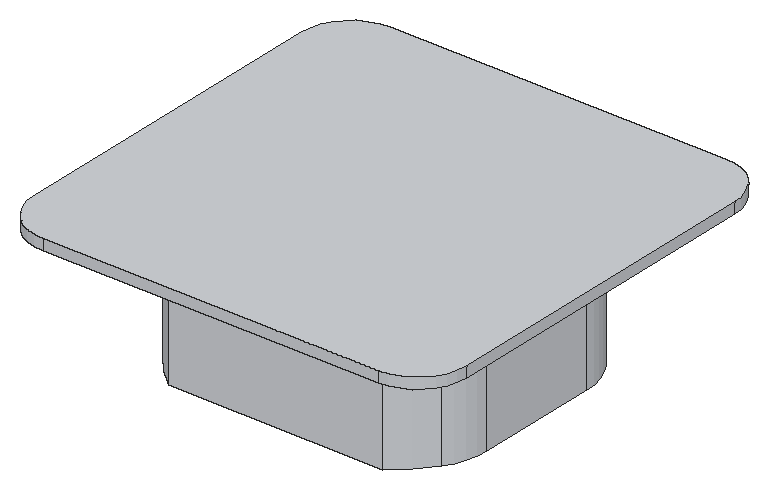
Revit family "Gira_245100", category Electrical Fixtures, host Face, Revit 2017
Family settings
  Host = Face
  Maintain Annotation Orientation = Yes
  Round Connector Dimension = Use Diameter
  Part Type = Normal
  Cut with Voids When Loaded = No
  Shared = No
  Room Calculation Point = No
Parameters (values of type "Netzwerk Cat.6_sub_A__sub_ 1f Einsatz")
  URL = "http://katalog.gira.de/de_DE/datenblatt.html?artikelnr=245100"
  Region = "DE"
  Name = "Netzwerk Cat.6{sub}A{/sub} 1f Einsatz"
  Manufacturer URL = "https://www.gira.de/"
  Keynote = "Einsatz_1fach"
  HeinzeBIM = "https://bimportal.heinze.de/bim/netzwerk-cat-6-sub-a-sub-1f-einsatz/56eef77b229484c6c8bfd210ba4e0d6db50d432f"
  HAN = "245100"
  GTIN = "4010337881780"
  Default Elevation = 1219.2 mm
  Data sheet (1) = "https://katalog.gira.de/de_DE/download.html?artikelnr=245100"
  Category = "Zubehör für Installationsschalterprogramme"
  Available = "Yes"
Reference planes
  plane 1 "Center (Front/Back)": y = 0
  plane 2: z = 0
  plane 3 "Center (Left/Right)": x = 0
Forms (mm)
  Extrusion 1, solid, detail levels fine
    sketch origin (0, 0, 0) x (1, 0, 0) y (0, 1, 0)
      loop
        line (27.475, 35.475) -> (-27.475, 35.475)
        arc (-27.475, 35.475) -> (-33.132, 33.132) -> (-35.475, 27.475) r 8
        line (-35.475, 27.475) -> (-35.475, -27.475)
        arc (-35.475, -27.475) -> (-33.132, -33.132) -> (-27.475, -35.475) r 8
        line (-27.475, -35.475) -> (27.475, -35.475)
        arc (27.475, -35.475) -> (33.132, -33.132) -> (35.475, -27.475) r 8
        line (35.475, -27.475) -> (35.475, 27.475)
        arc (35.475, 27.475) -> (33.132, 33.132) -> (27.475, 35.475) r 8
    from 0 to 1.8
  Extrusion 2, solid, detail levels fine
    sketch origin (0, 0, 0) x (1, 0, 0) y (0, 1, 0)
      loop
        line (9.678, 25.4) -> (-9.678, 25.4)
        arc (-9.678, 25.4) -> (-12.885, 24.922) -> (-15.814, 23.53) r 11
        arc (-15.814, 23.53) -> (-17.795, 22.07) -> (-19.641, 20.444) r 28.35
        arc (-19.641, 20.444) -> (-21.339, 18.665) -> (-22.876, 16.745) r 28.35
        arc (-22.876, 16.745) -> (-24.456, 13.666) -> (-25, 10.248) r 11
        line (-25, 10.248) -> (-25, -10.248)
        arc (-25, -10.248) -> (-24.456, -13.666) -> (-22.876, -16.745) r 11
        arc (-22.876, -16.745) -> (-20.409, -19.677) -> (-17.569, -22.25) r 28.35
        line (-17.569, -22.25) -> (17.569, -22.25)
        arc (17.569, -22.25) -> (20.409, -19.677) -> (22.876, -16.745) r 28.35
        arc (22.876, -16.745) -> (24.456, -13.666) -> (25, -10.248) r 11
        line (25, -10.248) -> (25, 10.248)
        arc (25, 10.248) -> (24.456, 13.666) -> (22.876, 16.745) r 11
        arc (22.876, 16.745) -> (21.593, 18.37) -> (20.195, 19.897) r 28.35
        arc (20.195, 19.897) -> (18.096, 21.823) -> (15.814, 23.53) r 28.35
        arc (15.814, 23.53) -> (12.885, 24.922) -> (9.678, 25.4) r 11
    from 0 to -22
  Extrusion 3, solid, detail levels medium
    sketch origin (0, 0, 0) x (1, 0, 0) y (0, 1, 0)
      loop
        line (-25, 25.4) -> (-25, -22.25) -> (25, -22.25) -> (25, 25.4) -> (-25, 25.4)
    from 0 to -22
  Extrusion 4, solid, detail levels coarse
    sketch origin (0, 0, 0) x (1, 0, 0) y (0, 1, 0)
      loop
        line (35.475, 35.475) -> (-35.475, 35.475) -> (-35.475, -35.475) -> (35.475, -35.475) -> (35.475, 35.475)
    from -22 to 1.8
  Extrusion 5, solid, detail levels medium
    sketch origin (0, 0, 0) x (1, 0, 0) y (0, 1, 0)
      loop
        line (35.475, 35.475) -> (-35.475, 35.475) -> (-35.475, -35.475) -> (35.475, -35.475) -> (35.475, 35.475)
    from 0 to 1.8
Dimensions and locks
  aligned and locked: plane 2 to host face
  aligned and locked: level to host face
  aligned and locked: plane 3 "Center (Left/Right)" to nested 1
  aligned and locked: plane 1 "Center (Front/Back)" to nested 1
Nested families
  nested 1: "RJ45-Datendose Beschriftung" at (0, 0, 0), type "RJ45-Datendose Beschriftung"
Connectors
  electrical at (0, 0, -22)
    settings: on Extrusion 4, index 1, voltage 220 V, apparent load 0 VA, apparent load phase1 0 VA, apparent load phase2 0 VA, apparent load phase3 0 VA, power factor 1, load classification "Other", number of poles 1, system type 30, power factor state 1, is connector primary yes, connector utility no, sub classification motor no, connector description ""
Definition of nested family "RJ45-Datendose Beschriftung"
  Reference planes
    plane 1: y = 0
    plane 2: x = 0
  Lines and regions (mm)
    Filled region 1, type "Gefüllter Bereich 1"
      outline origin (0, 0, 0) x (1, 0, 0) y (0, 1, 0)
        loop
          circle (0, 2.4) r 0.4
    detail lines
      curve 1: line (0, 0, 0) -> (0, 2, 0)
      curve 2: line (0, 2, 0) -> (1.2, 2, 0)
      curve 3: line (1.2, 2, 0) -> (1.2, 3.6, 0)
      curve 4: circle (0, 2.4, 0) r 0.4 normal (0, 0, 1)
      curve 5: line (0, 2, 0) -> (-1.2, 2, 0)
      curve 6: line (-1.2, 2, 0) -> (-1.2, 3.6, 0)
